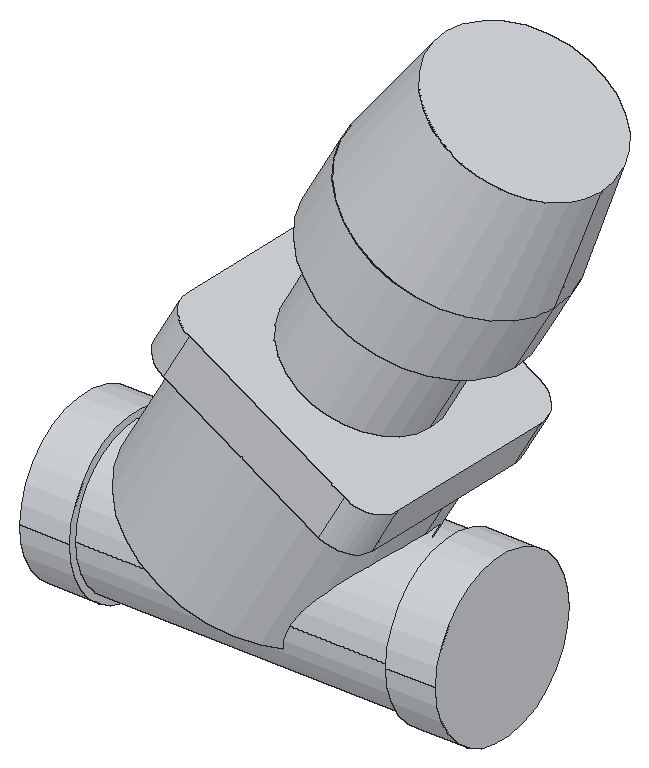
Revit family "OPTIMA_Compact_MM_DN15_5,0_RFA_2019", category Pipe Accessories, Revit 2019
Family settings
  Round Connector Dimension = Use Diameter
  Part Type = Valve - Breaks Into
  Work Plane-Based = No
  Always vertical = Yes
  Cut with Voids When Loaded = No
  Shared = No
Parameters (values of type "OPTIMA Compact DN15 M-M 5.0mm")
  magiProductId = "3da7abe28dc3494da6d3a7ef2edb11"
  magiProductFamilyId = "78ecc78dd0e54fb5aa8a98aef7d402"
  magiPartTypeId = 304
  isMeasuringValve [instance] = no
  ang2D [instance] = 0.00°
  Z = 0 mm
  X = 7 mm
  W2D = 32 mm
  VersionID = "2.0/2018.8.28.1/FRESE_OPTIMA-COMPACT-MM_001"
  Use Minimum Symbol Size [instance] = yes
  URL = "www.hydronic.cz"
  Type Comments = "vnější závit; PN25; 0~120°C, bez měřicích vsuvek"
  R9 = 8 mm
  R8 = 14 mm
  R7 = 17 mm
  R6 = 12 mm
  R5 = 5 mm
  R4 = 19 mm
  R3 = 19 mm
  R2 = 12 mm
  R1 = 13 mm
  QmdConnectorList = "301;D;302;D"
  Productdata [instance] = ""
  PLG0 = no
  Manufacturer = "Hydronic Systems Prague s.r.o."
  MC Product Code = "53-1305  (3/4\" M-M; 5.0mm; Qmin-dpmin 220l/h-16.0kPa; Qmax-dpmin 1330l/h-21.6kPa; dpmax 800kPa)"
  MC Piping Given Pressure Drop [instance] = 0.0 Pa
  LL = 32.5 mm
  L3 = 11 mm
  L2D_Min = 3048 mm
  L2D = 104 mm
  L2 = 49.4 mm
  L1__ve = -L1  # -7.8 mm
  L1 = 7.8 mm
  H6__ve = -H6  # -55 mm
  H6 = 55 mm
  H5 = 20 mm
  H4 = 12 mm
  H3 = 18 mm
  H2 = 8 mm
  H1 = 26 mm
  Description = "Tlakově nezávislý 2-cestný regulační vyvažovací ventil (PICV)"
  D = 15 mm
  A = 30.00°
Types (8, lengths in mm): name | magiProductId | Z | X | R4 | R3 | R2 | R1 | MC Product Code | LL | L3 | L2 | L1__ve | L1 | H6__ve | H6 | H5 | H3 | H2 | H1 | D
  OPTIMA Compact DN32 M-M 5.5mm | "9229f6b2647a4beea29cfed7a0464e" | 1 | 13 | 29 | 31.5 | 22 | 24 | "53-1314  (6/4\" M-M; 5.5mm; Qmin-dpmin 550l/h-17.9kPa; Qmax-dpmin 4001l/h-28.0kPa; dpmax 800kPa)" | 52 | 12.5 | 79.04 | -12.48 | 12.48 | -66 | 66 | 20 | 16 | 10 | 46 | 32
  OPTIMA Compact DN15 M-M 2.5mm | "cf91b4957677408aaed6de7f8e707d" | 0 | 7 | 19 | 19 | 12 | 13 | "53-1304  (3/4\" M-M; 2.5mm; Qmin-dpmin 100l/h-14.9kPa; Qmax-dpmin 575l/h-18.5kPa; dpmax 800kPa)" | 32.5 | 11 | 49.4 | -7.8 | 7.8 | -55 | 55 | 20 | 18 | 8 | 26 | 15
  OPTIMA Compact DN15 M-M 5.0mm | "3da7abe28dc3494da6d3a7ef2edb11" | 0 | 7 | 19 | 19 | 12 | 13 | "53-1305  (3/4\" M-M; 5.0mm; Qmin-dpmin 220l/h-16.0kPa; Qmax-dpmin 1330l/h-21.6kPa; dpmax 800kPa)" | 32.5 | 11 | 49.4 | -7.8 | 7.8 | -55 | 55 | 20 | 18 | 8 | 26 | 15
  OPTIMA Compact DN20 M-M 5.0mm | "dbf1ea5749af4e6bb74c096f7a23b2" | 0 | 10 | 19 | 19 | 13.5 | 16.5 | "53-1308  (1\" M-M; 5.0mm; Qmin-dpmin 220l/h-16.0kPa; Qmax-dpmin 1330l/h-21.6kPa; dpmax 800kPa)" | 35 | 11 | 53.2 | -8.4 | 8.4 | -58.5 | 58.5 | 20 | 18 | 8 | 26 | 20
  OPTIMA Compact DN20 M-M 5.5mm | "a40c776a67e54a899e920652842cb9" | 0 | 10 | 19 | 19 | 13.5 | 16.5 | "53-1311  (1\" M-M; 5.5mm; Qmin-dpmin 300l/h-17.8kPa; Qmax-dpmin 1800l/h-40.0kPa; dpmax 800kPa)" | 35 | 11 | 53.2 | -8.4 | 8.4 | -58.5 | 58.5 | 20 | 18 | 8 | 26 | 20
  OPTIMA Compact DN25 M-M 5.5mm | "c9531e40f709430d814b4200686e37" | 0 | 13 | 29 | 31.5 | 18.5 | 21 | "53-1313  (5/4\" M-M; 5.5mm; Qmin-dpmin 600l/h-17.3kPa; Qmax-dpmin 3609l/h-23.0kPa; dpmax 800kPa)" | 52 | 12.5 | 79.04 | -12.48 | 12.48 | -63 | 63 | 20 | 16 | 10 | 43 | 25
  OPTIMA Compact DN10 M-M 2.5mm | "719160033de540c9acf49957212ec3" | 0 | 7 | 19 | 19 | 9 | 10.5 | "53-1300  (1/2\" M-M; 2.5mm; Qmin-dpmin 30l/h-14.3kPa; Qmax-dpmin 200l/h-15.8kPa; dpmax 800kPa)" | 32.5 | 11 | 49.4 | -7.8 | 7.8 | -52.5 | 52.5 | 17 | 18 | 8 | 30 | 10
  OPTIMA Compact DN10 M-M 5.0mm | "5a6cfbbfc7584f5c989f475761ae24" | 0 | 7 | 19 | 19 | 9 | 10.5 | "53-1309  (1/2\" M-M; 5.0mm; Qmin-dpmin 65l/h-14.6kPa; Qmax-dpmin 370l/h-17.2kPa; dpmax 800kPa)" | 32.5 | 11 | 49.4 | -7.8 | 7.8 | -52.5 | 52.5 | 17 | 18 | 8 | 30 | 10
Reference planes
  plane 1 "Center (Front/Back)": y = 0
  plane 2 "XYPLANE": z = 0
  plane 3 "Center (Left/Right)": x = 0
  plane 4 "267": x = 11
  plane 5 "266": x = -11
  plane 6 "252": through (-607.519, 0, 447.746) normal (0.5, 0, 0.866)
  plane 7 "250": through (-617.519, 0, 430.426) normal (0.5, 0, 0.866)
  plane 8 "248": through (-623.519, 0, 420.033) normal (0.5, 0, 0.866)
  plane 9 "245": through (-632.519, 0, 404.445) normal (0.5, 0, 0.866)
  plane 10 "241": through (352.483, 0, 662.519) normal (0.866, 0, -0.5)
  plane 11 "240": through (385.392, 0, 643.519) normal (0.866, 0, -0.5)
  plane 12 "239": y = -19
  plane 13 "238": y = 19
  plane 14 "237": through (-636.519, 0, 397.517) normal (0.5, 0, 0.866)
  plane 15 "235": through (-649.519, 0, 375) normal (0.5, 0, 0.866)
  plane 16 "231": y = 0
  plane 17 "230": through (368.938, 0, 653.019) normal (0.866, 0, -0.5)
  plane 18 "211": x = -24.7
  plane 19 "204": x = 32.5
  plane 20 "203": x = -32.5
  plane 21 "202": x = 0
  plane 22 "201": z = 0
  plane 23 "200": y = 0
  plane 24 "227XY": through (-649.519, 0, 375) normal (0.5, 0, 0.866)
  plane 25 "227XZ": y = 0
  plane 26 "227YZ": through (375, 0, 649.519) normal (0.866, 0, -0.5)
Forms (mm)
  Extrusion 1, solid, visible <- "PLG0"
    sketch origin (-750, 0, 0) x (1, 0, 0) y (0, 1, 0)
      loop
        circle (761, 0) r 8
    from 0 to -55 <- "H6__ve"
  Extrusion 2, solid, visible <- "PLG0"
    sketch origin (-750, 0, 0) x (1, 0, 0) y (0, 1, 0)
      loop
        circle (739, 0) r 8
    from 0 to -55 <- "H6__ve"
  Blend 3, solid
    base sketch origin (-617.519, 0, 430.426) x (0.866025, 0, -0.5) y (0, 1, 0)
      loop
        circle (743, 0) r 17
    top sketch origin (-617.519, 0, 430.426) x (0.866025, 0, -0.5) y (0, 1, 0)
      loop
        circle (743, 0) r 14
    from 0 to 20
  Extrusion 4, solid
    sketch origin (-623.519, 0, 420.033) x (0.866025, 0, -0.5) y (0, 1, 0)
      loop
        circle (743, 0) r 17
    from 0 to 12 <- "H4"
  Extrusion 5, solid
    sketch origin (-632.519, 0, 404.445) x (0.866025, 0, -0.5) y (0, 1, 0)
      loop
        circle (743, 0) r 12
    from 0 to 18 <- "H3"
  Extrusion 6, solid
    sketch origin (-636.519, 0, 397.517) x (0.866025, 0, -0.5) y (0, 1, 0)
      loop
        arc (729, 19) -> (725.464, 17.536) -> (724, 14) r 5
        line (724, 14) -> (724, -14)
        arc (724, -14) -> (725.464, -17.536) -> (729, -19) r 5
        line (729, -19) -> (757, -19)
        arc (757, -19) -> (760.536, -17.536) -> (762, -14) r 5
        line (762, -14) -> (762, 14)
        arc (762, 14) -> (760.536, 17.536) -> (757, 19) r 5
        line (757, 19) -> (729, 19)
    from 0 to 8 <- "H2"
  Extrusion 7, solid
    sketch origin (-649.519, 0, 375) x (0.866025, 0, -0.5) y (0, 1, 0)
      loop
        circle (743, 0) r 19
    from 0 to 26 <- "H1"
  Extrusion 8, solid
    sketch origin (-24.7, -750, 0) x (0, 1, 0) y (0, 0, 1)
      loop
        circle (750, 0) r 12
    from 0 to 49.4 <- "L2"
  Extrusion 9, solid
    sketch origin (32.5, -750, 0) x (0, 1, 0) y (0, 0, 1)
      loop
        circle (750, 0) r 13
    from 0 to -7.8 <- "L1__ve"
  Extrusion 10, solid
    sketch origin (-32.5, -750, 0) x (0, 1, 0) y (0, 0, 1)
      loop
        circle (750, 0) r 13
    from 0 to 7.8 <- "L1"
  Extrusion 11, solid, not visible
    sketch origin (32.5, -750, 0) x (0, 1, 0) y (0, 0, 1)
      loop
        circle (750, 0) r 10
    from 0 to -10
  Extrusion 12, solid, not visible
    sketch origin (-32.5, -750, 0) x (0, 1, 0) y (0, 0, 1)
      loop
        circle (750, 0) r 10
    from 0 to 10
Lines and regions (mm)
  reference lines, not visible
    curve 1: circle (2, 2, 0) r 1 normal (0, 0, 1)
Dimensions and locks
  plane 1 "Center (Front/Back)" to curve 1 = 2 mm
  "L3": plane 3 "Center (Left/Right)" to plane 4 "267"
  "L3": plane 3 "Center (Left/Right)" to plane 5 "266"
  "H5": plane 7 "250" to plane 6 "252"
  "H4": plane 8 "248" to plane 7 "250"
  "H3": plane 9 "245" to plane 8 "248"
  "H2": plane 14 "237" to plane 9 "245"
  "R4": plane 17 "230" to plane 10 "241"
  "R4": plane 17 "230" to plane 11 "240"
  "R4": plane 23 "200" to plane 12 "239"
  "R4": plane 23 "200" to plane 13 "238"
  "H1": plane 15 "235" to plane 14 "237"
  "Z": plane 24 "227XY" to plane 15 "235"
  locked: plane 23 "200" to plane 16 "231"
  "X": plane 26 "227YZ" to plane 17 "230"
  "L1": plane 20 "203" to plane 18 "211"
  "LL": plane 3 "Center (Left/Right)" to plane 19 "204"
  "LL": plane 3 "Center (Left/Right)" to plane 20 "203"
  locked: plane 3 "Center (Left/Right)" to plane 21 "202"
  locked: plane 2 "XYPLANE" to plane 22 "201"
  locked: plane 1 "Center (Front/Back)" to plane 23 "200"
  Extrusion 6 sketch curve to Extrusion 6 sketch curve = 0 mm  (x16)
  "R9": radius of Extrusion 1 sketch curve
  "R9": radius of Extrusion 2 sketch curve
  "R8": radius of Blend 3 sketch curve
  "R7": radius of Blend 3 sketch curve
  "R7": radius of Extrusion 4 sketch curve
  "R6": radius of Extrusion 5 sketch curve
  "R5": radius of Extrusion 6 sketch curve  (x4)
  "R3": radius of Extrusion 7 sketch curve
  "R2": radius of Extrusion 8 sketch curve
  "R1": radius of Extrusion 9 sketch curve
  "R1": radius of Extrusion 10 sketch curve
  aligned and locked: level to plane 2 "XYPLANE"
  aligned and locked: plane 4 "267" to Extrusion 1 sketch curve
  aligned and locked: plane 23 "200" to Extrusion 1 sketch curve
  aligned and locked: plane 5 "266" to Extrusion 2 sketch curve
  aligned and locked: plane 23 "200" to Extrusion 2 sketch curve
  aligned and locked: plane 16 "231" to Blend 3 sketch curve  (x2)
  aligned and locked: Blend 3 sketch curve to plane 17 "230"  (x2)
  aligned and locked: plane 6 "252" to Blend 3
  aligned and locked: plane 16 "231" to Extrusion 4 sketch curve
  aligned and locked: Extrusion 4 sketch curve to plane 17 "230"
  aligned and locked: plane 16 "231" to Extrusion 5 sketch curve
  aligned and locked: Extrusion 5 sketch curve to plane 17 "230"
  aligned and locked: Extrusion 6 sketch curve to plane 10 "241"
  aligned and locked: Extrusion 6 sketch curve to plane 12 "239"
  aligned and locked: Extrusion 6 sketch curve to plane 11 "240"
  aligned and locked: plane 13 "238" to Extrusion 6 sketch curve
  aligned and locked: plane 16 "231" to Extrusion 7 sketch curve
  aligned and locked: Extrusion 7 sketch curve to plane 17 "230"
  aligned and locked: plane 22 "201" to Extrusion 8 sketch curve
  aligned and locked: Extrusion 8 sketch curve to plane 23 "200"
  aligned and locked: plane 22 "201" to Extrusion 9 sketch curve
  aligned and locked: Extrusion 9 sketch curve to plane 23 "200"
  aligned and locked: plane 22 "201" to Extrusion 10 sketch curve
  aligned and locked: Extrusion 10 sketch curve to plane 23 "200"
  aligned and locked: plane 22 "201" to Extrusion 11 sketch curve
  aligned and locked: Extrusion 11 sketch curve to plane 23 "200"
  aligned and locked: plane 22 "201" to Extrusion 12 sketch curve
  aligned and locked: Extrusion 12 sketch curve to plane 23 "200"
Automatic sketch dimensions
  plane 1 "Center (Front/Back)" to Extrusion 11 sketch curve = 10 mm
  plane 1 "Center (Front/Back)" to Extrusion 12 sketch curve = 10 mm
  plane 3 "Center (Left/Right)" to curve 1 = 2 mm
  radius of curve 1 = 1 mm
Connectors
  piping at (-32.5, 0, 0), diameter 15, driven by "D"
    settings: on Extrusion 12, index 1, connector inside diameter 609.6 mm, connector length 0 mm, flow factor 0, pipe flow 0.0 L/s, pressure drop 0.0 Pa, fitting loss kfactor 0, connector angle 0.00°, fixture units 0, engagement length 0 mm, angle of deflection 0.00°, flow configuration 0, flow direction 0, fitting loss method 0, system type 29, joint type 0, gender type 0, connector reference index 2, connector utility 0, adjustable connector no, is connector primary yes, connector description ""
  piping at (32.5, 0, 0), diameter 15, driven by "D"
    settings: on Extrusion 11, index 2, connector inside diameter 609.6 mm, connector length 0 mm, flow factor 0, pipe flow 0.0 L/s, pressure drop 0.0 Pa, fitting loss kfactor 0, connector angle 0.00°, fixture units 0, engagement length 0 mm, angle of deflection 0.00°, flow configuration 0, flow direction 0, fitting loss method 0, system type 29, joint type 0, gender type 0, connector reference index 1, connector utility 0, adjustable connector no, is connector primary no, connector description ""
